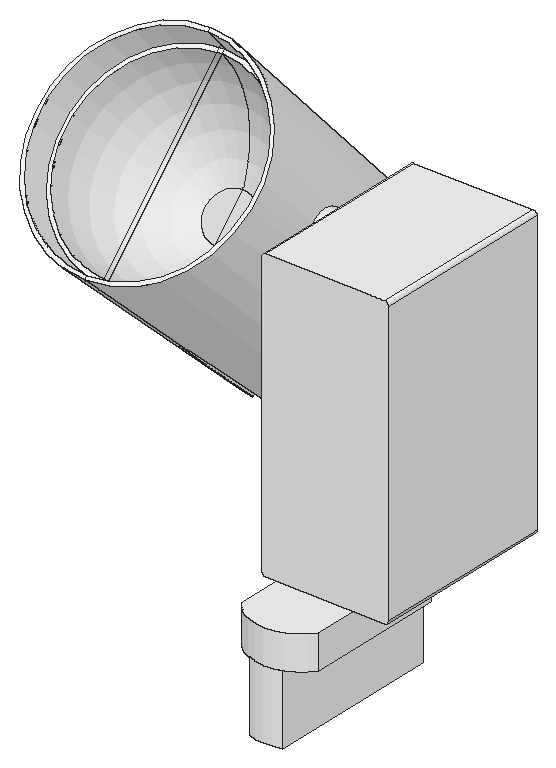
Revit family "0004859 Feilo Sylvania Lighting Fixture START TRACK SPOT S 14W 3K RA90 NB WHITE", category Lighting Fixtures, host Face, Revit 2017 (continued)
Definition of nested family "Start Track Spot Head"
  Types (96, lengths in mm): name | Wattage | built-in parameter 1150134 | Photometric Web File | Model | built-in parameter 1150105 | Lumens | built-in parameter 1150107 | built-in parameter 1150106 | HeadThickness_FEILO | HeadRibOffset_FEILO | HeadRibDepth_FEILO | HeadRibCutWidth_FEILO | HeadRibCutOffset_FEILO | HeadReflectorRadius_FEILO | HeadReflectorOffset_FEILO | HeadLEDRadius_FEILO | HeadHeight_FEILO | HeadDiffusorOffset_FEILO | HeadDiaOut_FEILO | HeadDiaIn_FEILO | HeadAxisFromTop_FEILO | Emit from Circle Diameter | built-in parameter 1150104 | Description | Apparent Load
    0004864 START TRACK SPOT S 24W 3K RA90 WB WHITE | 24 W | (empty or 0) | "0004864.ies" | "START TRACK SPOT S 24W 3K RA90 WB WHITE" | 152.79 (stored number, unit not read) | 1920 lm | 3000 (stored number, unit not read) | 1.5279 (stored number, unit not read) | 1.5 | 4.179 | 55.714 | 7.167 | 50.87 | 50.588 | 55.714 | 9.556 | 117 | 9.435 | 86 | 77.477 | 69.354 | 77.477 | 7.4322 (stored number, unit not read) | "Integrated LED spotlight, Textured White - RAL9016, compact and minimalist design, ideal for retail applications, die-cast aluminium body, passive cooling heatsink. Beam angle: 64°, color temperature: 3000K , total system power: 24W, total fixture output: 1928 lm, LOR: 100%, colour rendering: Ra: 90 typical, LED Chromaticity: 3 step MacAdam ellipse, lifetime: >50000 hours at L70B50, energy class: A++, A+, A, IR/UV free light source without heat radiation, operating voltage: 220-240V / 50-60Hz, drive current: 600mA, electronic driver, non-dimmable, power factor: 0.95, electrical protection: Class II, Global Track 3 Phase adapter suitable for Global trac 3-circuit tracks, ingress protection rating: IP20, suitable for internal environment only, horizontal rotation: 355°, vertical tilt: 90°, dimensions: Ø86x140x200, weight: 0.966kg." | 24 VA
    0004863 START TRACK SPOT S 24W 3K RA90 MB WHITE | 24 W | (empty or 0) | "0004863.ies" | "START TRACK SPOT S 24W 3K RA90 MB WHITE" | 154.7 (stored number, unit not read) | 1944 lm | 3000 (stored number, unit not read) | 1.547 (stored number, unit not read) | 1.5 | 4.179 | 55.714 | 7.167 | 50.87 | 50.588 | 55.714 | 9.556 | 117 | 9.435 | 86 | 77.477 | 69.354 | 77.477 | 7.5251 (stored number, unit not read) | "Integrated LED spotlight, Textured White - RAL9016, compact and minimalist design, ideal for retail applications, die-cast aluminium body, passive cooling heatsink. Beam angle: 36°, color temperature: 3000K , total system power: 24W, total fixture output: 1944 lm, LOR: 100%, colour rendering: Ra: 90 typical, LED Chromaticity: 3 step MacAdam ellipse, lifetime: >50000 hours at L70B50, energy class: A++, A+, A, IR/UV free light source without heat radiation, operating voltage: 220-240V / 50-60Hz, drive current: 600mA, electronic driver, non-dimmable, power factor: 0.95, electrical protection: Class II, Global Track 3 Phase adapter suitable for Global trac 3-circuit tracks, ingress protection rating: IP20, suitable for internal environment only, horizontal rotation: 355°, vertical tilt: 90°, dimensions: Ø86x140x200, weight: 0.966kg." | 24 VA
    0004862 START TRACK SPOT S 24W 3K RA90 NB WHITE | 24 W | (empty or 0) | "0004862.ies" | "START TRACK SPOT S 24W 3K RA90 NB WHITE" | 158.52 (stored number, unit not read) | 1992 lm | 3000 (stored number, unit not read) | 1.5852 (stored number, unit not read) | 1.5 | 4.179 | 55.714 | 7.167 | 50.87 | 50.588 | 55.714 | 9.556 | 117 | 9.435 | 86 | 77.477 | 69.354 | 77.477 | 7.711 (stored number, unit not read) | "Integrated LED spotlight, Textured White - RAL9016, compact and minimalist design, ideal for retail applications, die-cast aluminium body, passive cooling heatsink. Beam angle: 12°, color temperature: 3000K , total system power: 24W, total fixture output: 1987 lm, LOR: 100%, colour rendering: Ra: 90 typical, LED Chromaticity: 3 step MacAdam ellipse, lifetime: >50000 hours at L70B50, energy class: A++, A+, A, IR/UV free light source without heat radiation, operating voltage: 220-240V / 50-60Hz, drive current: 600mA, electronic driver, non-dimmable, power factor: 0.95, electrical protection: Class II, Global Track 3 Phase adapter suitable for Global trac 3-circuit tracks, ingress protection rating: IP20, suitable for internal environment only, horizontal rotation: 355°, vertical tilt: 90°, dimensions: Ø86x140x200, weight: 0.966kg." | 24 VA
    0004861 START TRACK SPOT S 14W 3K RA90 WB WHITE | 14 W | (empty or 0) | "0004861.ies" | "START TRACK SPOT S 14W 3K RA90 WB WHITE" | 100.27 (stored number, unit not read) | 1260 lm | 3000 (stored number, unit not read) | 1.0027 (stored number, unit not read) | 1.5 | 4.179 | 55.714 | 7.167 | 50.87 | 50.588 | 55.714 | 9.556 | 117 | 9.435 | 86 | 77.477 | 69.354 | 77.477 | 8.3613 (stored number, unit not read) | "Integrated LED spotlight, Textured White - RAL9016, compact and minimalist design, ideal for retail applications, die-cast aluminium body, passive cooling heatsink. Beam angle: 64°, color temperature: 3000K , total system power: 14W, total fixture output: 1262 lm, LOR: 100%, colour rendering: Ra: 90 typical, LED Chromaticity: 3 step MacAdam ellipse, lifetime: >50000 hours at L70B50, energy class: A++, A+, A, IR/UV free light source without heat radiation, operating voltage: 220-240V / 50-60Hz, drive current: 350mA, electronic driver, non-dimmable, power factor: 0.92, electrical protection: Class II, Global Track 3 Phase adapter suitable for Global trac 3-circuit tracks, ingress protection rating: IP20, suitable for internal environment only, horizontal rotation: 355°, vertical tilt: 90°, dimensions: Ø86x140x200, weight: 0.940kg." | 14 VA
    0004860 START TRACK SPOT S 14W 3K RA90 MB WHITE | 14 W | (empty or 0) | "0004860.ies" | "START TRACK SPOT S 14W 3K RA90 MB WHITE" | 100.27 (stored number, unit not read) | 1260 lm | 3000 (stored number, unit not read) | 1.0027 (stored number, unit not read) | 1.5 | 4.179 | 55.714 | 7.167 | 50.87 | 50.588 | 55.714 | 9.556 | 117 | 9.435 | 86 | 77.477 | 69.354 | 77.477 | 8.3613 (stored number, unit not read) | "Integrated LED spotlight, Textured White - RAL9016, compact and minimalist design, ideal for retail applications, die-cast aluminium body, passive cooling heatsink. Beam angle: 36°, color temperature: 3000K , total system power: 14W, total fixture output: 1262 lm, LOR: 100%, colour rendering: Ra: 90 typical, LED Chromaticity: 3 step MacAdam ellipse, lifetime: >50000 hours at L70B50, energy class: A++, A+, A, IR/UV free light source without heat radiation, operating voltage: 220-240V / 50-60Hz, drive current: 350mA, electronic driver, non-dimmable, power factor: 0.92, electrical protection: Class II, Global Track 3 Phase adapter suitable for Global trac 3-circuit tracks, ingress protection rating: IP20, suitable for internal environment only, horizontal rotation: 355°, vertical tilt: 90°, dimensions: Ø86x140x200, weight: 0.940kg." | 14 VA
    0004859 START TRACK SPOT S 14W 3K RA90 NB WHITE | 14 W | (empty or 0) | "0004859.ies" | "START TRACK SPOT S 14W 3K RA90 NB WHITE" | 102.5 (stored number, unit not read) | 1288 lm | 3000 (stored number, unit not read) | 1.025 (stored number, unit not read) | 1.5 | 4.179 | 55.714 | 7.167 | 50.87 | 50.588 | 55.714 | 9.556 | 117 | 9.435 | 86 | 77.477 | 69.354 | 77.477 | 8.5471 (stored number, unit not read) | "Integrated LED spotlight, Textured White - RAL9016, compact and minimalist design, ideal for retail applications, die-cast aluminium body, passive cooling heatsink. Beam angle: 12°, color temperature: 3000K , total system power: 14W, total fixture output: 1284 lm, LOR: 100%, colour rendering: Ra: 90 typical, LED Chromaticity: 3 step MacAdam ellipse, lifetime: >50000 hours at L70B50, energy class: A++, A+, A, IR/UV free light source without heat radiation, operating voltage: 220-240V / 50-60Hz, drive current: 350mA, electronic driver, non-dimmable, power factor: 0.92, electrical protection: Class II, Global Track 3 Phase adapter suitable for Global trac 3-circuit tracks, ingress protection rating: IP20, suitable for internal environment only, horizontal rotation: 355°, vertical tilt: 90°, dimensions: Ø86x140x200, weight: 0.940kg." | 14 VA
    0004858 START TRACK SPOT L 55W 4K RA80 WB BLACK | 55 W | 12 | "0004858.ies" | "START TRACK SPOT L 55W 4K RA80 WB BLACK" | 424.55 (stored number, unit not read) | 5335 lm | 4000 (stored number, unit not read) | 4.2455 (stored number, unit not read) | 2 | 4.429 | 59.048 | 9.417 | 53.913 | 66.471 | 59.048 | 12.556 | 124 | 10 | 113 | 101.802 | 73.503 | 101.802 | 9.0116 (stored number, unit not read) | "Integrated LED spotlight, Textured Black - RAL9005, compact and minimalist design, ideal for retail applications, die-cast aluminium body, passive cooling heatsink. Beam angle: 52°, color temperature: 4000K , total system power: 55W, total fixture output: 5320 lm, LOR: 100%, colour rendering: Ra: 80 typical, LED Chromaticity: 3 step MacAdam ellipse, lifetime: >50000 hours at L70B50, energy class: A++, A+, A, IR/UV free light source without heat radiation, operating voltage: 220-240V / 50-60Hz, drive current: 1400mA, electronic driver, non-dimmable, power factor: 0.96, electrical protection: Class II, Global Track 3 Phase adapter suitable for Global trac 3-circuit tracks, ingress protection rating: IP20, suitable for internal environment only, horizontal rotation: 355°, vertical tilt: 90°, dimensions: Ø113x164x240, weight: 1.398kg." | 55 VA
    0004857 START TRACK SPOT L 55W 4K RA80 MB BLACK | 55 W | 12 | "0004857.ies" | "START TRACK SPOT L 55W 4K RA80 MB BLACK" | 428.92 (stored number, unit not read) | 5390 lm | 4000 (stored number, unit not read) | 4.2892 (stored number, unit not read) | 2 | 4.429 | 59.048 | 9.417 | 53.913 | 66.471 | 59.048 | 12.556 | 124 | 10 | 113 | 101.802 | 73.503 | 101.802 | 9.1045 (stored number, unit not read) | "Integrated LED spotlight, Textured Black - RAL9005, compact and minimalist design, ideal for retail applications, die-cast aluminium body, passive cooling heatsink. Beam angle: 38°, color temperature: 4000K , total system power: 55W, total fixture output: 5378 lm, LOR: 100%, colour rendering: Ra: 80 typical, LED Chromaticity: 3 step MacAdam ellipse, lifetime: >50000 hours at L70B50, energy class: A++, A+, A, IR/UV free light source without heat radiation, operating voltage: 220-240V / 50-60Hz, drive current: 1400mA, electronic driver, non-dimmable, power factor: 0.96, electrical protection: Class II, Global Track 3 Phase adapter suitable for Global trac 3-circuit tracks, ingress protection rating: IP20, suitable for internal environment only, horizontal rotation: 355°, vertical tilt: 90°, dimensions: Ø113x164x240, weight: 1.398kg." | 55 VA
    0004856 START TRACK SPOT L 55W 4K RA80 NB BLACK | 55 W | 12 | "0004856.ies" | "START TRACK SPOT L 55W 4K RA80 NB BLACK" | 433.3 (stored number, unit not read) | 5445 lm | 4000 (stored number, unit not read) | 4.333 (stored number, unit not read) | 2 | 4.429 | 59.048 | 9.417 | 53.913 | 66.471 | 59.048 | 12.556 | 124 | 10 | 113 | 101.802 | 73.503 | 101.802 | 9.1974 (stored number, unit not read) | "Integrated LED spotlight, Textured Black - RAL9005, compact and minimalist design, ideal for retail applications, die-cast aluminium body, passive cooling heatsink. Beam angle: 15°, color temperature: 4000K , total system power: 55W, total fixture output: 5426 lm, LOR: 100%, colour rendering: Ra: 80 typical, LED Chromaticity: 3 step MacAdam ellipse, lifetime: >50000 hours at L70B50, energy class: A++, A+, A, IR/UV free light source without heat radiation, operating voltage: 220-240V / 50-60Hz, drive current: 1400mA, electronic driver, non-dimmable, power factor: 0.96, electrical protection: Class II, Global Track 3 Phase adapter suitable for Global trac 3-circuit tracks, ingress protection rating: IP20, suitable for internal environment only, horizontal rotation: 355°, vertical tilt: 90°, dimensions: Ø113x164x240, weight: 1.398kg." | 55 VA
    0004855 START TRACK SPOT L 35W 4K RA80 WB BLACK | 35 W | 12 | "0004855.ies" | "START TRACK SPOT L 35W 4K RA80 WB BLACK" | 320.3 (stored number, unit not read) | 4025 lm | 4000 (stored number, unit not read) | 3.203 (stored number, unit not read) | 2 | 4.429 | 59.048 | 9.417 | 53.913 | 66.471 | 59.048 | 12.556 | 124 | 10 | 113 | 101.802 | 73.503 | 101.802 | 10.684 (stored number, unit not read) | "Integrated LED spotlight, Textured Black - RAL9005, compact and minimalist design, ideal for retail applications, die-cast aluminium body, passive cooling heatsink. Beam angle: 52°, color temperature: 4000K , total system power: 35W, total fixture output: 4010 lm, LOR: 100%, colour rendering: Ra: 80 typical, LED Chromaticity: 3 step MacAdam ellipse, lifetime: >50000 hours at L70B50, energy class: A++, A+, A, IR/UV free light source without heat radiation, operating voltage: 220-240V / 50-60Hz, drive current: 900mA, electronic driver, non-dimmable, power factor: 0.93, electrical protection: Class II, Global Track 3 Phase adapter suitable for Global trac 3-circuit tracks, ingress protection rating: IP20, suitable for internal environment only, horizontal rotation: 355°, vertical tilt: 90°, dimensions: Ø113x164x240, weight: 1.368kg." | 35 VA
    0004854 START TRACK SPOT L 35W 4K RA80 MB BLACK | 35 W | 12 | "0004854.ies" | "START TRACK SPOT L 35W 4K RA80 MB BLACK" | 320.3 (stored number, unit not read) | 4025 lm | 4000 (stored number, unit not read) | 3.203 (stored number, unit not read) | 2 | 4.429 | 59.048 | 9.417 | 53.913 | 66.471 | 59.048 | 12.556 | 124 | 10 | 113 | 101.802 | 73.503 | 101.802 | 10.684 (stored number, unit not read) | "Integrated LED spotlight, Textured Black - RAL9005, compact and minimalist design, ideal for retail applications, die-cast aluminium body, passive cooling heatsink. Beam angle: 38°, color temperature: 4000K , total system power: 35W, total fixture output: 4017 lm, LOR: 100%, colour rendering: Ra: 80 typical, LED Chromaticity: 3 step MacAdam ellipse, lifetime: >50000 hours at L70B50, energy class: A++, A+, A, IR/UV free light source without heat radiation, operating voltage: 220-240V / 50-60Hz, drive current: 900mA, electronic driver, non-dimmable, power factor: 0.93, electrical protection: Class II, Global Track 3 Phase adapter suitable for Global trac 3-circuit tracks, ingress protection rating: IP20, suitable for internal environment only, horizontal rotation: 355°, vertical tilt: 90°, dimensions: Ø113x164x240, weight: 1.368kg." | 35 VA
    0004853 START TRACK SPOT L 35W 4K RA80 NB BLACK | 35 W | 12 | "0004853.ies" | "START TRACK SPOT L 35W 4K RA80 NB BLACK" | 331.44 (stored number, unit not read) | 4165 lm | 4000 (stored number, unit not read) | 3.3144 (stored number, unit not read) | 2 | 4.429 | 59.048 | 9.417 | 53.913 | 66.471 | 59.048 | 12.556 | 124 | 10 | 113 | 101.802 | 73.503 | 101.802 | 11.055 (stored number, unit not read) | "Integrated LED spotlight, Textured Black - RAL9005, compact and minimalist design, ideal for retail applications, die-cast aluminium body, passive cooling heatsink. Beam angle: 15°, color temperature: 4000K , total system power: 35W, total fixture output: 4174 lm, LOR: 100%, colour rendering: Ra: 80 typical, LED Chromaticity: 3 step MacAdam ellipse, lifetime: >50000 hours at L70B50, energy class: A++, A+, A, IR/UV free light source without heat radiation, operating voltage: 220-240V / 50-60Hz, drive current: 900mA, electronic driver, non-dimmable, power factor: 0.93, electrical protection: Class II, Global Track 3 Phase adapter suitable for Global trac 3-circuit tracks, ingress protection rating: IP20, suitable for internal environment only, horizontal rotation: 355°, vertical tilt: 90°, dimensions: Ø113x164x240, weight: 1.368kg." | 35 VA
    0004852 START TRACK SPOT S 24W 4K RA80 WB BLACK | 24 W | 12 | "0004852.ies" | "START TRACK SPOT S 24W 4K RA80 WB BLACK" | 196.72 (stored number, unit not read) | 2472 lm | 4000 (stored number, unit not read) | 1.9672 (stored number, unit not read) | 1.5 | 4.179 | 55.714 | 7.167 | 50.87 | 50.588 | 55.714 | 9.556 | 117 | 9.435 | 86 | 77.477 | 69.354 | 77.477 | 9.569 (stored number, unit not read) | "Integrated LED spotlight, Textured Black - RAL9005, compact and minimalist design, ideal for retail applications, die-cast aluminium body, passive cooling heatsink. Beam angle: 64°, color temperature: 4000K , total system power: 24W, total fixture output: 2476 lm, LOR: 100%, colour rendering: Ra: 80 typical, LED Chromaticity: 3 step MacAdam ellipse, lifetime: >50000 hours at L70B50, energy class: A++, A+, A, IR/UV free light source without heat radiation, operating voltage: 220-240V / 50-60Hz, drive current: 600mA, electronic driver, non-dimmable, power factor: 0.95, electrical protection: Class II, Global Track 3 Phase adapter suitable for Global trac 3-circuit tracks, ingress protection rating: IP20, suitable for internal environment only, horizontal rotation: 355°, vertical tilt: 90°, dimensions: Ø86x140x200, weight: 0.966kg." | 24 VA
    0004851 START TRACK SPOT S 24W 4K RA80 MB BLACK | 24 W | 12 | "0004851.ies" | "START TRACK SPOT S 24W 4K RA80 MB BLACK" | 198.63 (stored number, unit not read) | 2496 lm | 4000 (stored number, unit not read) | 1.9863 (stored number, unit not read) | 1.5 | 4.179 | 55.714 | 7.167 | 50.87 | 50.588 | 55.714 | 9.556 | 117 | 9.435 | 86 | 77.477 | 69.354 | 77.477 | 9.6619 (stored number, unit not read) | "Integrated LED spotlight, Textured Black - RAL9005, compact and minimalist design, ideal for retail applications, die-cast aluminium body, passive cooling heatsink. Beam angle: 36°, color temperature: 4000K , total system power: 24W, total fixture output: 2487 lm, LOR: 100%, colour rendering: Ra: 80 typical, LED Chromaticity: 3 step MacAdam ellipse, lifetime: >50000 hours at L70B50, energy class: A++, A+, A, IR/UV free light source without heat radiation, operating voltage: 220-240V / 50-60Hz, drive current: 600mA, electronic driver, non-dimmable, power factor: 0.95, electrical protection: Class II, Global Track 3 Phase adapter suitable for Global trac 3-circuit tracks, ingress protection rating: IP20, suitable for internal environment only, horizontal rotation: 355°, vertical tilt: 90°, dimensions: Ø86x140x200, weight: 0.966kg." | 24 VA
    0004850 START TRACK SPOT S 24W 4K RA80 NB BLACK | 24 W | 12 | "0004850.ies" | "START TRACK SPOT S 24W 4K RA80 NB BLACK" | 200.54 (stored number, unit not read) | 2520 lm | 4000 (stored number, unit not read) | 2.0054 (stored number, unit not read) | 1.5 | 4.179 | 55.714 | 7.167 | 50.87 | 50.588 | 55.714 | 9.556 | 117 | 9.435 | 86 | 77.477 | 69.354 | 77.477 | 9.7548 (stored number, unit not read) | "Integrated LED spotlight, Textured Black - RAL9005, compact and minimalist design, ideal for retail applications, die-cast aluminium body, passive cooling heatsink. Beam angle: 12°, color temperature: 4000K , total system power: 24W, total fixture output: 2529 lm, LOR: 100%, colour rendering: Ra: 80 typical, LED Chromaticity: 3 step MacAdam ellipse, lifetime: >50000 hours at L70B50, energy class: A++, A+, A, IR/UV free light source without heat radiation, operating voltage: 220-240V / 50-60Hz, drive current: 600mA, electronic driver, non-dimmable, power factor: 0.95, electrical protection: Class II, Global Track 3 Phase adapter suitable for Global trac 3-circuit tracks, ingress protection rating: IP20, suitable for internal environment only, horizontal rotation: 355°, vertical tilt: 90°, dimensions: Ø86x140x200, weight: 0.966kg." | 24 VA
    0004849 START TRACK SPOT S 14W 4K RA80 WB BLACK | 14 W | 12 | "0004849.ies" | "START TRACK SPOT S 14W 4K RA80 WB BLACK" | 123.66 (stored number, unit not read) | 1554 lm | 4000 (stored number, unit not read) | 1.2366 (stored number, unit not read) | 1.5 | 4.179 | 55.714 | 7.167 | 50.87 | 50.588 | 55.714 | 9.556 | 117 | 9.435 | 86 | 77.477 | 69.354 | 77.477 | 10.312 (stored number, unit not read) | "Integrated LED spotlight, Textured Black - RAL9005, compact and minimalist design, ideal for retail applications, die-cast aluminium body, passive cooling heatsink. Beam angle: 64°, color temperature: 4000K , total system power: 14W, total fixture output: 1558 lm, LOR: 100%, colour rendering: Ra: 80 typical, LED Chromaticity: 3 step MacAdam ellipse, lifetime: >50000 hours at L70B50, energy class: A++, A+, A, IR/UV free light source without heat radiation, operating voltage: 220-240V / 50-60Hz, drive current: 350mA, electronic driver, non-dimmable, power factor: 0.92, electrical protection: Class II, Global Track 3 Phase adapter suitable for Global trac 3-circuit tracks, ingress protection rating: IP20, suitable for internal environment only, horizontal rotation: 355°, vertical tilt: 90°, dimensions: Ø86x140x200, weight: 0.940kg." | 14 VA
    0004848 START TRACK SPOT S 14W 4K RA80 MB BLACK | 14 W | 12 | "0004848.ies" | "START TRACK SPOT S 14W 4K RA80 MB BLACK" | 127.01 (stored number, unit not read) | 1596 lm | 4000 (stored number, unit not read) | 1.2701 (stored number, unit not read) | 1.5 | 4.179 | 55.714 | 7.167 | 50.87 | 50.588 | 55.714 | 9.556 | 117 | 9.435 | 86 | 77.477 | 69.354 | 77.477 | 10.591 (stored number, unit not read) | "Integrated LED spotlight, Textured Black - RAL9005, compact and minimalist design, ideal for retail applications, die-cast aluminium body, passive cooling heatsink. Beam angle: 36°, color temperature: 4000K , total system power: 14W, total fixture output: 1598 lm, LOR: 100%, colour rendering: Ra: 80 typical, LED Chromaticity: 3 step MacAdam ellipse, lifetime: >50000 hours at L70B50, energy class: A++, A+, A, IR/UV free light source without heat radiation, operating voltage: 220-240V / 50-60Hz, drive current: 350mA, electronic driver, non-dimmable, power factor: 0.92, electrical protection: Class II, Global Track 3 Phase adapter suitable for Global trac 3-circuit tracks, ingress protection rating: IP20, suitable for internal environment only, horizontal rotation: 355°, vertical tilt: 90°, dimensions: Ø86x140x200, weight: 0.940kg." | 14 VA
    0004847 START TRACK SPOT S 14W 4K RA80 NB BLACK | 14 W | 12 | "0004847.ies" | "START TRACK SPOT S 14W 4K RA80 NB BLACK" | 128.12 (stored number, unit not read) | 1610 lm | 4000 (stored number, unit not read) | 1.2812 (stored number, unit not read) | 1.5 | 4.179 | 55.714 | 7.167 | 50.87 | 50.588 | 55.714 | 9.556 | 117 | 9.435 | 86 | 77.477 | 69.354 | 77.477 | 10.684 (stored number, unit not read) | "Integrated LED spotlight, Textured Black - RAL9005, compact and minimalist design, ideal for retail applications, die-cast aluminium body, passive cooling heatsink. Beam angle: 12°, color temperature: 4000K , total system power: 14W, total fixture output: 1608 lm, LOR: 100%, colour rendering: Ra: 80 typical, LED Chromaticity: 3 step MacAdam ellipse, lifetime: >50000 hours at L70B50, energy class: A++, A+, A, IR/UV free light source without heat radiation, operating voltage: 220-240V / 50-60Hz, drive current: 350mA, electronic driver, non-dimmable, power factor: 0.92, electrical protection: Class II, Global Track 3 Phase adapter suitable for Global trac 3-circuit tracks, ingress protection rating: IP20, suitable for internal environment only, horizontal rotation: 355°, vertical tilt: 90°, dimensions: Ø86x140x200, weight: 0.940kg." | 14 VA
    0004846 START TRACK SPOT L 55W 3K RA80 WB BLACK | 55 W | (empty or 0) | "0004846.ies" | "START TRACK SPOT L 55W 3K RA80 WB BLACK" | 420.17 (stored number, unit not read) | 5280 lm | 3000 (stored number, unit not read) | 4.2017 (stored number, unit not read) | 2 | 4.429 | 59.048 | 9.417 | 53.913 | 66.471 | 59.048 | 12.556 | 124 | 10 | 113 | 101.802 | 73.503 | 101.802 | 8.9187 (stored number, unit not read) | "Integrated LED spotlight, Textured Black - RAL9005, compact and minimalist design, ideal for retail applications, die-cast aluminium body, passive cooling heatsink. Beam angle: 52°, color temperature: 3000K , total system power: 55W, total fixture output: 5298 lm, LOR: 100%, colour rendering: Ra: 80 typical, LED Chromaticity: 3 step MacAdam ellipse, lifetime: >50000 hours at L70B50, energy class: A++, A+, A, IR/UV free light source without heat radiation, operating voltage: 220-240V / 50-60Hz, drive current: 1400mA, electronic driver, non-dimmable, power factor: 0.96, electrical protection: Class II, Global Track 3 Phase adapter suitable for Global trac 3-circuit tracks, ingress protection rating: IP20, suitable for internal environment only, horizontal rotation: 355°, vertical tilt: 90°, dimensions: Ø113x164x240, weight: 1.398kg." | 55 VA
    0004845 START TRACK SPOT L 55W 3K RA80 MB BLACK | 55 W | (empty or 0) | "0004845.ies" | "START TRACK SPOT L 55W 3K RA80 MB BLACK" | 428.92 (stored number, unit not read) | 5390 lm | 3000 (stored number, unit not read) | 4.2892 (stored number, unit not read) | 2 | 4.429 | 59.048 | 9.417 | 53.913 | 66.471 | 59.048 | 12.556 | 124 | 10 | 113 | 101.802 | 73.503 | 101.802 | 9.1045 (stored number, unit not read) | "Integrated LED spotlight, Textured Black - RAL9005, compact and minimalist design, ideal for retail applications, die-cast aluminium body, passive cooling heatsink. Beam angle: 38°, color temperature: 3000K , total system power: 55W, total fixture output: 5381 lm, LOR: 100%, colour rendering: Ra: 80 typical, LED Chromaticity: 3 step MacAdam ellipse, lifetime: >50000 hours at L70B50, energy class: A++, A+, A, IR/UV free light source without heat radiation, operating voltage: 220-240V / 50-60Hz, drive current: 1400mA, electronic driver, non-dimmable, power factor: 0.96, electrical protection: Class II, Global Track 3 Phase adapter suitable for Global trac 3-circuit tracks, ingress protection rating: IP20, suitable for internal environment only, horizontal rotation: 355°, vertical tilt: 90°, dimensions: Ø113x164x240, weight: 1.398kg." | 55 VA
    0004844 START TRACK SPOT L 55W 3K RA80 NB BLACK | 55 W | (empty or 0) | "0004844.ies" | "START TRACK SPOT L 55W 3K RA80 NB BLACK" | 433.3 (stored number, unit not read) | 5445 lm | 3000 (stored number, unit not read) | 4.333 (stored number, unit not read) | 2 | 4.429 | 59.048 | 9.417 | 53.913 | 66.471 | 59.048 | 12.556 | 124 | 10 | 113 | 101.802 | 73.503 | 101.802 | 9.1974 (stored number, unit not read) | "Integrated LED spotlight, Textured Black - RAL9005, compact and minimalist design, ideal for retail applications, die-cast aluminium body, passive cooling heatsink. Beam angle: 15°, color temperature: 3000K , total system power: 55W, total fixture output: 5449 lm, LOR: 100%, colour rendering: Ra: 80 typical, LED Chromaticity: 3 step MacAdam ellipse, lifetime: >50000 hours at L70B50, energy class: A++, A+, A, IR/UV free light source without heat radiation, operating voltage: 220-240V / 50-60Hz, drive current: 1400mA, electronic driver, non-dimmable, power factor: 0.96, electrical protection: Class II, Global Track 3 Phase adapter suitable for Global trac 3-circuit tracks, ingress protection rating: IP20, suitable for internal environment only, horizontal rotation: 355°, vertical tilt: 90°, dimensions: Ø113x164x240, weight: 1.398kg." | 55 VA
    0004843 START TRACK SPOT L 35W 3K RA80 WB BLACK | 35 W | (empty or 0) | "0004843.ies" | "START TRACK SPOT L 35W 3K RA80 WB BLACK" | 314.73 (stored number, unit not read) | 3955 lm | 3000 (stored number, unit not read) | 3.1473 (stored number, unit not read) | 2 | 4.429 | 59.048 | 9.417 | 53.913 | 66.471 | 59.048 | 12.556 | 124 | 10 | 113 | 101.802 | 73.503 | 101.802 | 10.498 (stored number, unit not read) | "Integrated LED spotlight, Textured Black - RAL9005, compact and minimalist design, ideal for retail applications, die-cast aluminium body, passive cooling heatsink. Beam angle: 52°, color temperature: 3000K , total system power: 35W, total fixture output: 3943 lm, LOR: 100%, colour rendering: Ra: 80 typical, LED Chromaticity: 3 step MacAdam ellipse, lifetime: >50000 hours at L70B50, energy class: A++, A+, A, IR/UV free light source without heat radiation, operating voltage: 220-240V / 50-60Hz, drive current: 900mA, electronic driver, non-dimmable, power factor: 0.93, electrical protection: Class II, Global Track 3 Phase adapter suitable for Global trac 3-circuit tracks, ingress protection rating: IP20, suitable for internal environment only, horizontal rotation: 355°, vertical tilt: 90°, dimensions: Ø113x164x240, weight: 1.368kg." | 35 VA
    0004842 START TRACK SPOT L 35W 3K RA80 MB BLACK | 35 W | (empty or 0) | "0004842.ies" | "START TRACK SPOT L 35W 3K RA80 MB BLACK" | 320.3 (stored number, unit not read) | 4025 lm | 3000 (stored number, unit not read) | 3.203 (stored number, unit not read) | 2 | 4.429 | 59.048 | 9.417 | 53.913 | 66.471 | 59.048 | 12.556 | 124 | 10 | 113 | 101.802 | 73.503 | 101.802 | 10.684 (stored number, unit not read) | "Integrated LED spotlight, Textured Black - RAL9005, compact and minimalist design, ideal for retail applications, die-cast aluminium body, passive cooling heatsink. Beam angle: 38°, color temperature: 3000K , total system power: 35W, total fixture output: 4008 lm, LOR: 100%, colour rendering: Ra: 80 typical, LED Chromaticity: 3 step MacAdam ellipse, lifetime: >50000 hours at L70B50, energy class: A++, A+, A, IR/UV free light source without heat radiation, operating voltage: 220-240V / 50-60Hz, drive current: 900mA, electronic driver, non-dimmable, power factor: 0.93, electrical protection: Class II, Global Track 3 Phase adapter suitable for Global trac 3-circuit tracks, ingress protection rating: IP20, suitable for internal environment only, horizontal rotation: 355°, vertical tilt: 90°, dimensions: Ø113x164x240, weight: 1.368kg." | 35 VA
    0004841 START TRACK SPOT L 35W 3K RA80 NB BLACK | 35 W | (empty or 0) | "0004841.ies" | "START TRACK SPOT L 35W 3K RA80 NB BLACK" | 317.51 (stored number, unit not read) | 3990 lm | 3000 (stored number, unit not read) | 3.1751 (stored number, unit not read) | 2 | 4.429 | 59.048 | 9.417 | 53.913 | 66.471 | 59.048 | 12.556 | 124 | 10 | 113 | 101.802 | 73.503 | 101.802 | 10.591 (stored number, unit not read) | "Integrated LED spotlight, Textured Black - RAL9005, compact and minimalist design, ideal for retail applications, die-cast aluminium body, passive cooling heatsink. Beam angle: 15°, color temperature: 3000K , total system power: 35W, total fixture output: 4005 lm, LOR: 100%, colour rendering: Ra: 80 typical, LED Chromaticity: 3 step MacAdam ellipse, lifetime: >50000 hours at L70B50, energy class: A++, A+, A, IR/UV free light source without heat radiation, operating voltage: 220-240V / 50-60Hz, drive current: 900mA, electronic driver, non-dimmable, power factor: 0.93, electrical protection: Class II, Global Track 3 Phase adapter suitable for Global trac 3-circuit tracks, ingress protection rating: IP20, suitable for internal environment only, horizontal rotation: 355°, vertical tilt: 90°, dimensions: Ø113x164x240, weight: 1.368kg." | 35 VA
    0004840 START TRACK SPOT S 24W 3K RA80 WB BLACK | 24 W | (empty or 0) | "0004840.ies" | "START TRACK SPOT S 24W 3K RA80 WB BLACK" | 185.26 (stored number, unit not read) | 2328 lm | 3000 (stored number, unit not read) | 1.8526 (stored number, unit not read) | 1.5 | 4.179 | 55.714 | 7.167 | 50.87 | 50.588 | 55.714 | 9.556 | 117 | 9.435 | 86 | 77.477 | 69.354 | 77.477 | 9.0116 (stored number, unit not read) | "Integrated LED spotlight, Textured Black - RAL9005, compact and minimalist design, ideal for retail applications, die-cast aluminium body, passive cooling heatsink. Beam angle: 64°, color temperature: 3000K , total system power: 24W, total fixture output: 2318 lm, LOR: 100%, colour rendering: Ra: 80 typical, LED Chromaticity: 3 step MacAdam ellipse, lifetime: >50000 hours at L70B50, energy class: A++, A+, A, IR/UV free light source without heat radiation, operating voltage: 220-240V / 50-60Hz, drive current: 600mA, electronic driver, non-dimmable, power factor: 0.95, electrical protection: Class II, Global Track 3 Phase adapter suitable for Global trac 3-circuit tracks, ingress protection rating: IP20, suitable for internal environment only, horizontal rotation: 355°, vertical tilt: 90°, dimensions: Ø86x140x200, weight: 0.966kg." | 24 VA
    0004839 START TRACK SPOT S 24W 3K RA80 MB BLACK | 24 W | (empty or 0) | "0004839.ies" | "START TRACK SPOT S 24W 3K RA80 MB BLACK" | 183.35 (stored number, unit not read) | 2304 lm | 3000 (stored number, unit not read) | 1.8335 (stored number, unit not read) | 1.5 | 4.179 | 55.714 | 7.167 | 50.87 | 50.588 | 55.714 | 9.556 | 117 | 9.435 | 86 | 77.477 | 69.354 | 77.477 | 8.9187 (stored number, unit not read) | "Integrated LED spotlight, Textured Black - RAL9005, compact and minimalist design, ideal for retail applications, die-cast aluminium body, passive cooling heatsink. Beam angle: 36°, color temperature: 3000K , total system power: 24W, total fixture output: 2314 lm, LOR: 100%, colour rendering: Ra: 80 typical, LED Chromaticity: 3 step MacAdam ellipse, lifetime: >50000 hours at L70B50, energy class: A++, A+, A, IR/UV free light source without heat radiation, operating voltage: 220-240V / 50-60Hz, drive current: 600mA, electronic driver, non-dimmable, power factor: 0.95, electrical protection: Class II, Global Track 3 Phase adapter suitable for Global trac 3-circuit tracks, ingress protection rating: IP20, suitable for internal environment only, horizontal rotation: 355°, vertical tilt: 90°, dimensions: Ø86x140x200, weight: 0.966kg." | 24 VA
    0004838 START TRACK SPOT S 24W 3K RA80 NB BLACK | 24 W | (empty or 0) | "0004838.ies" | "START TRACK SPOT S 24W 3K RA80 NB BLACK" | 185.26 (stored number, unit not read) | 2328 lm | 3000 (stored number, unit not read) | 1.8526 (stored number, unit not read) | 1.5 | 4.179 | 55.714 | 7.167 | 50.87 | 50.588 | 55.714 | 9.556 | 117 | 9.435 | 86 | 77.477 | 69.354 | 77.477 | 9.0116 (stored number, unit not read) | "Integrated LED spotlight, Textured Black - RAL9005, compact and minimalist design, ideal for retail applications, die-cast aluminium body, passive cooling heatsink. Beam angle: 12°, color temperature: 3000K , total system power: 24W, total fixture output: 2334 lm, LOR: 100%, colour rendering: Ra: 80 typical, LED Chromaticity: 3 step MacAdam ellipse, lifetime: >50000 hours at L70B50, energy class: A++, A+, A, IR/UV free light source without heat radiation, operating voltage: 220-240V / 50-60Hz, drive current: 600mA, electronic driver, non-dimmable, power factor: 0.95, electrical protection: Class II, Global Track 3 Phase adapter suitable for Global trac 3-circuit tracks, ingress protection rating: IP20, suitable for internal environment only, horizontal rotation: 355°, vertical tilt: 90°, dimensions: Ø86x140x200, weight: 0.966kg." | 24 VA
    0004837 START TRACK SPOT S 14W 3K RA80 WB BLACK | 14 W | (empty or 0) | "0004837.ies" | "START TRACK SPOT S 14W 3K RA80 WB BLACK" | 119.21 (stored number, unit not read) | 1498 lm | 3000 (stored number, unit not read) | 1.1921 (stored number, unit not read) | 1.5 | 4.179 | 55.714 | 7.167 | 50.87 | 50.588 | 55.714 | 9.556 | 117 | 9.435 | 86 | 77.477 | 69.354 | 77.477 | 9.9406 (stored number, unit not read) | "Integrated LED spotlight, Textured Black - RAL9005, compact and minimalist design, ideal for retail applications, die-cast aluminium body, passive cooling heatsink. Beam angle: 64°, color temperature: 3000K , total system power: 14W, total fixture output: 1498 lm, LOR: 100%, colour rendering: Ra: 80 typical, LED Chromaticity: 3 step MacAdam ellipse, lifetime: >50000 hours at L70B50, energy class: A++, A+, A, IR/UV free light source without heat radiation, operating voltage: 220-240V / 50-60Hz, drive current: 350mA, electronic driver, non-dimmable, power factor: 0.92, electrical protection: Class II, Global Track 3 Phase adapter suitable for Global trac 3-circuit tracks, ingress protection rating: IP20, suitable for internal environment only, horizontal rotation: 355°, vertical tilt: 90°, dimensions: Ø86x140x200, weight: 0.940kg." | 14 VA
    0004836 START TRACK SPOT S 14W 3K RA80 MB BLACK | 14 W | (empty or 0) | "0004836.ies" | "START TRACK SPOT S 14W 3K RA80 MB BLACK" | 120.32 (stored number, unit not read) | 1512 lm | 3000 (stored number, unit not read) | 1.2032 (stored number, unit not read) | 1.5 | 4.179 | 55.714 | 7.167 | 50.87 | 50.588 | 55.714 | 9.556 | 117 | 9.435 | 86 | 77.477 | 69.354 | 77.477 | 10.034 (stored number, unit not read) | "Integrated LED spotlight, Textured Black - RAL9005, compact and minimalist design, ideal for retail applications, die-cast aluminium body, passive cooling heatsink. Beam angle: 36°, color temperature: 3000K , total system power: 14W, total fixture output: 1508 lm, LOR: 100%, colour rendering: Ra: 80 typical, LED Chromaticity: 3 step MacAdam ellipse, lifetime: >50000 hours at L70B50, energy class: A++, A+, A, IR/UV free light source without heat radiation, operating voltage: 220-240V / 50-60Hz, drive current: 350mA, electronic driver, non-dimmable, power factor: 0.92, electrical protection: Class II, Global Track 3 Phase adapter suitable for Global trac 3-circuit tracks, ingress protection rating: IP20, suitable for internal environment only, horizontal rotation: 355°, vertical tilt: 90°, dimensions: Ø86x140x200, weight: 0.940kg." | 14 VA
    0004835 START TRACK SPOT S 14W 3K RA80 NB BLACK | 14 W | (empty or 0) | "0004835.ies" | "START TRACK SPOT S 14W 3K RA80 NB BLACK" | 123.66 (stored number, unit not read) | 1554 lm | 3000 (stored number, unit not read) | 1.2366 (stored number, unit not read) | 1.5 | 4.179 | 55.714 | 7.167 | 50.87 | 50.588 | 55.714 | 9.556 | 117 | 9.435 | 86 | 77.477 | 69.354 | 77.477 | 10.312 (stored number, unit not read) | "Integrated LED spotlight, Textured Black - RAL9005, compact and minimalist design, ideal for retail applications, die-cast aluminium body, passive cooling heatsink. Beam angle: 12°, color temperature: 3000K , total system power: 14W, total fixture output: 1551 lm, LOR: 100%, colour rendering: Ra: 80 typical, LED Chromaticity: 3 step MacAdam ellipse, lifetime: >50000 hours at L70B50, energy class: A++, A+, A, IR/UV free light source without heat radiation, operating voltage: 220-240V / 50-60Hz, drive current: 350mA, electronic driver, non-dimmable, power factor: 0.92, electrical protection: Class II, Global Track 3 Phase adapter suitable for Global trac 3-circuit tracks, ingress protection rating: IP20, suitable for internal environment only, horizontal rotation: 355°, vertical tilt: 90°, dimensions: Ø86x140x200, weight: 0.940kg." | 14 VA
    0004834 START TRACK SPOT L 55W 4K RA80 WB WHITE | 55 W | 12 | "0004834.ies" | "START TRACK SPOT L 55W 4K RA80 WB WHITE" | 424.55 (stored number, unit not read) | 5335 lm | 4000 (stored number, unit not read) | 4.2455 (stored number, unit not read) | 2 | 4.429 | 59.048 | 9.417 | 53.913 | 66.471 | 59.048 | 12.556 | 124 | 10 | 113 | 101.802 | 73.503 | 101.802 | 9.0116 (stored number, unit not read) | "Integrated LED spotlight, Textured White - RAL9016, compact and minimalist design, ideal for retail applications, die-cast aluminium body, passive cooling heatsink. Beam angle: 52°, color temperature: 4000K , total system power: 55W, total fixture output: 5320 lm, LOR: 100%, colour rendering: Ra: 80 typical, LED Chromaticity: 3 step MacAdam ellipse, lifetime: >50000 hours at L70B50, energy class: A++, A+, A, IR/UV free light source without heat radiation, operating voltage: 220-240V / 50-60Hz, drive current: 1400mA, electronic driver, non-dimmable, power factor: 0.96, electrical protection: Class II, Global Track 3 Phase adapter suitable for Global trac 3-circuit tracks, ingress protection rating: IP20, suitable for internal environment only, horizontal rotation: 355°, vertical tilt: 90°, dimensions: Ø113x164x240, weight: 1.398kg." | 55 VA
    0004833 START TRACK SPOT L 55W 4K RA80 MB WHITE | 55 W | 12 | "0004833.ies" | "START TRACK SPOT L 55W 4K RA80 MB WHITE" | 428.92 (stored number, unit not read) | 5390 lm | 4000 (stored number, unit not read) | 4.2892 (stored number, unit not read) | 2 | 4.429 | 59.048 | 9.417 | 53.913 | 66.471 | 59.048 | 12.556 | 124 | 10 | 113 | 101.802 | 73.503 | 101.802 | 9.1045 (stored number, unit not read) | "Integrated LED spotlight, Textured White - RAL9016, compact and minimalist design, ideal for retail applications, die-cast aluminium body, passive cooling heatsink. Beam angle: 38°, color temperature: 4000K , total system power: 55W, total fixture output: 5378 lm, LOR: 100%, colour rendering: Ra: 80 typical, LED Chromaticity: 3 step MacAdam ellipse, lifetime: >50000 hours at L70B50, energy class: A++, A+, A, IR/UV free light source without heat radiation, operating voltage: 220-240V / 50-60Hz, drive current: 1400mA, electronic driver, non-dimmable, power factor: 0.96, electrical protection: Class II, Global Track 3 Phase adapter suitable for Global trac 3-circuit tracks, ingress protection rating: IP20, suitable for internal environment only, horizontal rotation: 355°, vertical tilt: 90°, dimensions: Ø113x164x240, weight: 1.398kg." | 55 VA
    0004832 START TRACK SPOT L 55W 4K RA80 NB WHITE | 55 W | 12 | "0004832.ies" | "START TRACK SPOT L 55W 4K RA80 NB WHITE" | 433.3 (stored number, unit not read) | 5445 lm | 4000 (stored number, unit not read) | 4.333 (stored number, unit not read) | 2 | 4.429 | 59.048 | 9.417 | 53.913 | 66.471 | 59.048 | 12.556 | 124 | 10 | 113 | 101.802 | 73.503 | 101.802 | 9.1974 (stored number, unit not read) | "Integrated LED spotlight, Textured White - RAL9016, compact and minimalist design, ideal for retail applications, die-cast aluminium body, passive cooling heatsink. Beam angle: 15°, color temperature: 4000K , total system power: 55W, total fixture output: 5426 lm, LOR: 100%, colour rendering: Ra: 80 typical, LED Chromaticity: 3 step MacAdam ellipse, lifetime: >50000 hours at L70B50, energy class: A++, A+, A, IR/UV free light source without heat radiation, operating voltage: 220-240V / 50-60Hz, drive current: 1400mA, electronic driver, non-dimmable, power factor: 0.96, electrical protection: Class II, Global Track 3 Phase adapter suitable for Global trac 3-circuit tracks, ingress protection rating: IP20, suitable for internal environment only, horizontal rotation: 355°, vertical tilt: 90°, dimensions: Ø113x164x240, weight: 1.398kg." | 55 VA
    0004831 START TRACK SPOT L 35W 4K RA80 WB WHITE | 35 W | 12 | "0004831.ies" | "START TRACK SPOT L 35W 4K RA80 WB WHITE" | 320.3 (stored number, unit not read) | 4025 lm | 4000 (stored number, unit not read) | 3.203 (stored number, unit not read) | 2 | 4.429 | 59.048 | 9.417 | 53.913 | 66.471 | 59.048 | 12.556 | 124 | 10 | 113 | 101.802 | 73.503 | 101.802 | 10.684 (stored number, unit not read) | "Integrated LED spotlight, Textured White - RAL9016, compact and minimalist design, ideal for retail applications, die-cast aluminium body, passive cooling heatsink. Beam angle: 52°, color temperature: 4000K , total system power: 35W, total fixture output: 4010 lm, LOR: 100%, colour rendering: Ra: 80 typical, LED Chromaticity: 3 step MacAdam ellipse, lifetime: >50000 hours at L70B50, energy class: A++, A+, A, IR/UV free light source without heat radiation, operating voltage: 220-240V / 50-60Hz, drive current: 900mA, electronic driver, non-dimmable, power factor: 0.93, electrical protection: Class II, Global Track 3 Phase adapter suitable for Global trac 3-circuit tracks, ingress protection rating: IP20, suitable for internal environment only, horizontal rotation: 355°, vertical tilt: 90°, dimensions: Ø113x164x240, weight: 1.368kg." | 35 VA
    0004830 START TRACK SPOT L 35W 4K RA80 MB WHITE | 35 W | 12 | "0004830.ies" | "START TRACK SPOT L 35W 4K RA80 MB WHITE" | 320.3 (stored number, unit not read) | 4025 lm | 4000 (stored number, unit not read) | 3.203 (stored number, unit not read) | 2 | 4.429 | 59.048 | 9.417 | 53.913 | 66.471 | 59.048 | 12.556 | 124 | 10 | 113 | 101.802 | 73.503 | 101.802 | 10.684 (stored number, unit not read) | "Integrated LED spotlight, Textured White - RAL9016, compact and minimalist design, ideal for retail applications, die-cast aluminium body, passive cooling heatsink. Beam angle: 38°, color temperature: 4000K , total system power: 35W, total fixture output: 4017 lm, LOR: 100%, colour rendering: Ra: 80 typical, LED Chromaticity: 3 step MacAdam ellipse, lifetime: >50000 hours at L70B50, energy class: A++, A+, A, IR/UV free light source without heat radiation, operating voltage: 220-240V / 50-60Hz, drive current: 900mA, electronic driver, non-dimmable, power factor: 0.93, electrical protection: Class II, Global Track 3 Phase adapter suitable for Global trac 3-circuit tracks, ingress protection rating: IP20, suitable for internal environment only, horizontal rotation: 355°, vertical tilt: 90°, dimensions: Ø113x164x240, weight: 1.368kg." | 35 VA
    0004829 START TRACK SPOT L 35W 4K RA80 NB WHITE | 35 W | 12 | "0004829.ies" | "START TRACK SPOT L 35W 4K RA80 NB WHITE" | 331.44 (stored number, unit not read) | 4165 lm | 4000 (stored number, unit not read) | 3.3144 (stored number, unit not read) | 2 | 4.429 | 59.048 | 9.417 | 53.913 | 66.471 | 59.048 | 12.556 | 124 | 10 | 113 | 101.802 | 73.503 | 101.802 | 11.055 (stored number, unit not read) | "Integrated LED spotlight, Textured White - RAL9016, compact and minimalist design, ideal for retail applications, die-cast aluminium body, passive cooling heatsink. Beam angle: 15°, color temperature: 4000K , total system power: 35W, total fixture output: 4174 lm, LOR: 100%, colour rendering: Ra: 80 typical, LED Chromaticity: 3 step MacAdam ellipse, lifetime: >50000 hours at L70B50, energy class: A++, A+, A, IR/UV free light source without heat radiation, operating voltage: 220-240V / 50-60Hz, drive current: 900mA, electronic driver, non-dimmable, power factor: 0.93, electrical protection: Class II, Global Track 3 Phase adapter suitable for Global trac 3-circuit tracks, ingress protection rating: IP20, suitable for internal environment only, horizontal rotation: 355°, vertical tilt: 90°, dimensions: Ø113x164x240, weight: 1.368kg." | 35 VA
    0004828 START TRACK SPOT S 24W 4K RA80 WB WHITE | 24 W | 12 | "0004828.ies" | "START TRACK SPOT S 24W 4K RA80 WB WHITE" | 196.72 (stored number, unit not read) | 2472 lm | 4000 (stored number, unit not read) | 1.9672 (stored number, unit not read) | 1.5 | 4.179 | 55.714 | 7.167 | 50.87 | 50.588 | 55.714 | 9.556 | 117 | 9.435 | 86 | 77.477 | 69.354 | 77.477 | 9.569 (stored number, unit not read) | "Integrated LED spotlight, Textured White - RAL9016, compact and minimalist design, ideal for retail applications, die-cast aluminium body, passive cooling heatsink. Beam angle: 64°, color temperature: 4000K , total system power: 24W, total fixture output: 2476 lm, LOR: 100%, colour rendering: Ra: 80 typical, LED Chromaticity: 3 step MacAdam ellipse, lifetime: >50000 hours at L70B50, energy class: A++, A+, A, IR/UV free light source without heat radiation, operating voltage: 220-240V / 50-60Hz, drive current: 600mA, electronic driver, non-dimmable, power factor: 0.95, electrical protection: Class II, Global Track 3 Phase adapter suitable for Global trac 3-circuit tracks, ingress protection rating: IP20, suitable for internal environment only, horizontal rotation: 355°, vertical tilt: 90°, dimensions: Ø86x140x200, weight: 0.966kg." | 24 VA
    0004827 START TRACK SPOT S 24W 4K RA80 MB WHITE | 24 W | 12 | "0004827.ies" | "START TRACK SPOT S 24W 4K RA80 MB WHITE" | 198.63 (stored number, unit not read) | 2496 lm | 4000 (stored number, unit not read) | 1.9863 (stored number, unit not read) | 1.5 | 4.179 | 55.714 | 7.167 | 50.87 | 50.588 | 55.714 | 9.556 | 117 | 9.435 | 86 | 77.477 | 69.354 | 77.477 | 9.6619 (stored number, unit not read) | "Integrated LED spotlight, Textured White - RAL9016, compact and minimalist design, ideal for retail applications, die-cast aluminium body, passive cooling heatsink. Beam angle: 36°, color temperature: 4000K , total system power: 24W, total fixture output: 2487 lm, LOR: 100%, colour rendering: Ra: 80 typical, LED Chromaticity: 3 step MacAdam ellipse, lifetime: >50000 hours at L70B50, energy class: A++, A+, A, IR/UV free light source without heat radiation, operating voltage: 220-240V / 50-60Hz, drive current: 600mA, electronic driver, non-dimmable, power factor: 0.95, electrical protection: Class II, Global Track 3 Phase adapter suitable for Global trac 3-circuit tracks, ingress protection rating: IP20, suitable for internal environment only, horizontal rotation: 355°, vertical tilt: 90°, dimensions: Ø86x140x200, weight: 0.966kg." | 24 VA
    0004826 START TRACK SPOT S 24W 4K RA80 NB WHITE | 24 W | 12 | "0004826.ies" | "START TRACK SPOT S 24W 4K RA80 NB WHITE" | 200.54 (stored number, unit not read) | 2520 lm | 4000 (stored number, unit not read) | 2.0054 (stored number, unit not read) | 1.5 | 4.179 | 55.714 | 7.167 | 50.87 | 50.588 | 55.714 | 9.556 | 117 | 9.435 | 86 | 77.477 | 69.354 | 77.477 | 9.7548 (stored number, unit not read) | "Integrated LED spotlight, Textured White - RAL9016, compact and minimalist design, ideal for retail applications, die-cast aluminium body, passive cooling heatsink. Beam angle: 12°, color temperature: 4000K , total system power: 24W, total fixture output: 2529 lm, LOR: 100%, colour rendering: Ra: 80 typical, LED Chromaticity: 3 step MacAdam ellipse, lifetime: >50000 hours at L70B50, energy class: A++, A+, A, IR/UV free light source without heat radiation, operating voltage: 220-240V / 50-60Hz, drive current: 600mA, electronic driver, non-dimmable, power factor: 0.95, electrical protection: Class II, Global Track 3 Phase adapter suitable for Global trac 3-circuit tracks, ingress protection rating: IP20, suitable for internal environment only, horizontal rotation: 355°, vertical tilt: 90°, dimensions: Ø86x140x200, weight: 0.966kg." | 24 VA
    0004825 START TRACK SPOT S 14W 4K RA80 WB WHITE | 14 W | 12 | "0004825.ies" | "START TRACK SPOT S 14W 4K RA80 WB WHITE" | 123.66 (stored number, unit not read) | 1554 lm | 4000 (stored number, unit not read) | 1.2366 (stored number, unit not read) | 1.5 | 4.179 | 55.714 | 7.167 | 50.87 | 50.588 | 55.714 | 9.556 | 117 | 9.435 | 86 | 77.477 | 69.354 | 77.477 | 10.312 (stored number, unit not read) | "Integrated LED spotlight, Textured White - RAL9016, compact and minimalist design, ideal for retail applications, die-cast aluminium body, passive cooling heatsink. Beam angle: 64°, color temperature: 4000K , total system power: 14W, total fixture output: 1558 lm, LOR: 100%, colour rendering: Ra: 80 typical, LED Chromaticity: 3 step MacAdam ellipse, lifetime: >50000 hours at L70B50, energy class: A++, A+, A, IR/UV free light source without heat radiation, operating voltage: 220-240V / 50-60Hz, drive current: 350mA, electronic driver, non-dimmable, power factor: 0.92, electrical protection: Class II, Global Track 3 Phase adapter suitable for Global trac 3-circuit tracks, ingress protection rating: IP20, suitable for internal environment only, horizontal rotation: 355°, vertical tilt: 90°, dimensions: Ø86x140x200, weight: 0.940kg." | 14 VA
    0004824 START TRACK SPOT S 14W 4K RA80 MB WHITE | 14 W | 12 | "0004824.ies" | "START TRACK SPOT S 14W 4K RA80 MB WHITE" | 127.01 (stored number, unit not read) | 1596 lm | 4000 (stored number, unit not read) | 1.2701 (stored number, unit not read) | 1.5 | 4.179 | 55.714 | 7.167 | 50.87 | 50.588 | 55.714 | 9.556 | 117 | 9.435 | 86 | 77.477 | 69.354 | 77.477 | 10.591 (stored number, unit not read) | "Integrated LED spotlight, Textured White - RAL9016, compact and minimalist design, ideal for retail applications, die-cast aluminium body, passive cooling heatsink. Beam angle: 36°, color temperature: 4000K , total system power: 14W, total fixture output: 1598 lm, LOR: 100%, colour rendering: Ra: 80 typical, LED Chromaticity: 3 step MacAdam ellipse, lifetime: >50000 hours at L70B50, energy class: A++, A+, A, IR/UV free light source without heat radiation, operating voltage: 220-240V / 50-60Hz, drive current: 350mA, electronic driver, non-dimmable, power factor: 0.92, electrical protection: Class II, Global Track 3 Phase adapter suitable for Global trac 3-circuit tracks, ingress protection rating: IP20, suitable for internal environment only, horizontal rotation: 355°, vertical tilt: 90°, dimensions: Ø86x140x200, weight: 0.940kg." | 14 VA
    0004823 START TRACK SPOT S 14W 4K RA80 NB WHITE | 14 W | 12 | "0004823.ies" | "START TRACK SPOT S 14W 4K RA80 NB WHITE" | 128.12 (stored number, unit not read) | 1610 lm | 4000 (stored number, unit not read) | 1.2812 (stored number, unit not read) | 1.5 | 4.179 | 55.714 | 7.167 | 50.87 | 50.588 | 55.714 | 9.556 | 117 | 9.435 | 86 | 77.477 | 69.354 | 77.477 | 10.684 (stored number, unit not read) | "Integrated LED spotlight, Textured White - RAL9016, compact and minimalist design, ideal for retail applications, die-cast aluminium body, passive cooling heatsink. Beam angle: 12°, color temperature: 4000K , total system power: 14W, total fixture output: 1608 lm, LOR: 100%, colour rendering: Ra: 80 typical, LED Chromaticity: 3 step MacAdam ellipse, lifetime: >50000 hours at L70B50, energy class: A++, A+, A, IR/UV free light source without heat radiation, operating voltage: 220-240V / 50-60Hz, drive current: 350mA, electronic driver, non-dimmable, power factor: 0.92, electrical protection: Class II, Global Track 3 Phase adapter suitable for Global trac 3-circuit tracks, ingress protection rating: IP20, suitable for internal environment only, horizontal rotation: 355°, vertical tilt: 90°, dimensions: Ø86x140x200, weight: 0.940kg." | 14 VA
    0004822 START TRACK SPOT L 55W 3K RA80 WB WHITE | 55 W | (empty or 0) | "0004822.ies" | "START TRACK SPOT L 55W 3K RA80 WB WHITE" | 420.17 (stored number, unit not read) | 5280 lm | 3000 (stored number, unit not read) | 4.2017 (stored number, unit not read) | 2 | 4.429 | 59.048 | 9.417 | 53.913 | 66.471 | 59.048 | 12.556 | 124 | 10 | 113 | 101.802 | 73.503 | 101.802 | 8.9187 (stored number, unit not read) | "Integrated LED spotlight, Textured White - RAL9016, compact and minimalist design, ideal for retail applications, die-cast aluminium body, passive cooling heatsink. Beam angle: 52°, color temperature: 3000K , total system power: 55W, total fixture output: 5298 lm, LOR: 100%, colour rendering: Ra: 80 typical, LED Chromaticity: 3 step MacAdam ellipse, lifetime: >50000 hours at L70B50, energy class: A++, A+, A, IR/UV free light source without heat radiation, operating voltage: 220-240V / 50-60Hz, drive current: 1400mA, electronic driver, non-dimmable, power factor: 0.96, electrical protection: Class II, Global Track 3 Phase adapter suitable for Global trac 3-circuit tracks, ingress protection rating: IP20, suitable for internal environment only, horizontal rotation: 355°, vertical tilt: 90°, dimensions: Ø113x164x240, weight: 1.398kg." | 55 VA
    0004821 START TRACK SPOT L 55W 3K RA80 MB WHITE | 55 W | (empty or 0) | "0004821.ies" | "START TRACK SPOT L 55W 3K RA80 MB WHITE" | 428.92 (stored number, unit not read) | 5390 lm | 3000 (stored number, unit not read) | 4.2892 (stored number, unit not read) | 2 | 4.429 | 59.048 | 9.417 | 53.913 | 66.471 | 59.048 | 12.556 | 124 | 10 | 113 | 101.802 | 73.503 | 101.802 | 9.1045 (stored number, unit not read) | "Integrated LED spotlight, Textured White - RAL9016, compact and minimalist design, ideal for retail applications, die-cast aluminium body, passive cooling heatsink. Beam angle: 38°, color temperature: 3000K , total system power: 55W, total fixture output: 5381 lm, LOR: 100%, colour rendering: Ra: 80 typical, LED Chromaticity: 3 step MacAdam ellipse, lifetime: >50000 hours at L70B50, energy class: A++, A+, A, IR/UV free light source without heat radiation, operating voltage: 220-240V / 50-60Hz, drive current: 1400mA, electronic driver, non-dimmable, power factor: 0.96, electrical protection: Class II, Global Track 3 Phase adapter suitable for Global trac 3-circuit tracks, ingress protection rating: IP20, suitable for internal environment only, horizontal rotation: 355°, vertical tilt: 90°, dimensions: Ø113x164x240, weight: 1.398kg." | 55 VA
    0004820 START TRACK SPOT L 55W 3K RA80 NB WHITE | 55 W | (empty or 0) | "0004820.ies" | "START TRACK SPOT L 55W 3K RA80 NB WHITE" | 433.3 (stored number, unit not read) | 5445 lm | 3000 (stored number, unit not read) | 4.333 (stored number, unit not read) | 2 | 4.429 | 59.048 | 9.417 | 53.913 | 66.471 | 59.048 | 12.556 | 124 | 10 | 113 | 101.802 | 73.503 | 101.802 | 9.1974 (stored number, unit not read) | "Integrated LED spotlight, Textured White - RAL9016, compact and minimalist design, ideal for retail applications, die-cast aluminium body, passive cooling heatsink. Beam angle: 15°, color temperature: 3000K , total system power: 55W, total fixture output: 5449 lm, LOR: 100%, colour rendering: Ra: 80 typical, LED Chromaticity: 3 step MacAdam ellipse, lifetime: >50000 hours at L70B50, energy class: A++, A+, A, IR/UV free light source without heat radiation, operating voltage: 220-240V / 50-60Hz, drive current: 1400mA, electronic driver, non-dimmable, power factor: 0.96, electrical protection: Class II, Global Track 3 Phase adapter suitable for Global trac 3-circuit tracks, ingress protection rating: IP20, suitable for internal environment only, horizontal rotation: 355°, vertical tilt: 90°, dimensions: Ø113x164x240, weight: 1.398kg." | 55 VA
    0004819 START TRACK SPOT L 35W 3K RA80 WB WHITE | 35 W | (empty or 0) | "0004819.ies" | "START TRACK SPOT L 35W 3K RA80 WB WHITE" | 314.73 (stored number, unit not read) | 3955 lm | 3000 (stored number, unit not read) | 3.1473 (stored number, unit not read) | 2 | 4.429 | 59.048 | 9.417 | 53.913 | 66.471 | 59.048 | 12.556 | 124 | 10 | 113 | 101.802 | 73.503 | 101.802 | 10.498 (stored number, unit not read) | "Integrated LED spotlight, Textured White - RAL9016, compact and minimalist design, ideal for retail applications, die-cast aluminium body, passive cooling heatsink. Beam angle: 52°, color temperature: 3000K , total system power: 35W, total fixture output: 3943 lm, LOR: 100%, colour rendering: Ra: 80 typical, LED Chromaticity: 3 step MacAdam ellipse, lifetime: >50000 hours at L70B50, energy class: A++, A+, A, IR/UV free light source without heat radiation, operating voltage: 220-240V / 50-60Hz, drive current: 900mA, electronic driver, non-dimmable, power factor: 0.93, electrical protection: Class II, Global Track 3 Phase adapter suitable for Global trac 3-circuit tracks, ingress protection rating: IP20, suitable for internal environment only, horizontal rotation: 355°, vertical tilt: 90°, dimensions: Ø113x164x240, weight: 1.368kg." | 35 VA
    0004818 START TRACK SPOT L 35W 3K RA80 MB WHITE | 35 W | (empty or 0) | "0004818.ies" | "START TRACK SPOT L 35W 3K RA80 MB WHITE" | 320.3 (stored number, unit not read) | 4025 lm | 3000 (stored number, unit not read) | 3.203 (stored number, unit not read) | 2 | 4.429 | 59.048 | 9.417 | 53.913 | 66.471 | 59.048 | 12.556 | 124 | 10 | 113 | 101.802 | 73.503 | 101.802 | 10.684 (stored number, unit not read) | "Integrated LED spotlight, Textured White - RAL9016, compact and minimalist design, ideal for retail applications, die-cast aluminium body, passive cooling heatsink. Beam angle: 38°, color temperature: 3000K , total system power: 35W, total fixture output: 4008 lm, LOR: 100%, colour rendering: Ra: 80 typical, LED Chromaticity: 3 step MacAdam ellipse, lifetime: >50000 hours at L70B50, energy class: A++, A+, A, IR/UV free light source without heat radiation, operating voltage: 220-240V / 50-60Hz, drive current: 900mA, electronic driver, non-dimmable, power factor: 0.93, electrical protection: Class II, Global Track 3 Phase adapter suitable for Global trac 3-circuit tracks, ingress protection rating: IP20, suitable for internal environment only, horizontal rotation: 355°, vertical tilt: 90°, dimensions: Ø113x164x240, weight: 1.368kg." | 35 VA
    0004817 START TRACK SPOT L 35W 3K RA80 NB WHITE | 35 W | (empty or 0) | "0004817.ies" | "START TRACK SPOT L 35W 3K RA80 NB WHITE" | 317.51 (stored number, unit not read) | 3990 lm | 3000 (stored number, unit not read) | 3.1751 (stored number, unit not read) | 2 | 4.429 | 59.048 | 9.417 | 53.913 | 66.471 | 59.048 | 12.556 | 124 | 10 | 113 | 101.802 | 73.503 | 101.802 | 10.591 (stored number, unit not read) | "Integrated LED spotlight, Textured White - RAL9016, compact and minimalist design, ideal for retail applications, die-cast aluminium body, passive cooling heatsink. Beam angle: 15°, color temperature: 3000K , total system power: 35W, total fixture output: 4005 lm, LOR: 100%, colour rendering: Ra: 80 typical, LED Chromaticity: 3 step MacAdam ellipse, lifetime: >50000 hours at L70B50, energy class: A++, A+, A, IR/UV free light source without heat radiation, operating voltage: 220-240V / 50-60Hz, drive current: 900mA, electronic driver, non-dimmable, power factor: 0.93, electrical protection: Class II, Global Track 3 Phase adapter suitable for Global trac 3-circuit tracks, ingress protection rating: IP20, suitable for internal environment only, horizontal rotation: 355°, vertical tilt: 90°, dimensions: Ø113x164x240, weight: 1.368kg." | 35 VA
    0004816 START TRACK SPOT S 24W 3K RA80 WB WHITE | 24 W | (empty or 0) | "0004816.ies" | "START TRACK SPOT S 24W 3K RA80 WB WHITE" | 185.26 (stored number, unit not read) | 2328 lm | 3000 (stored number, unit not read) | 1.8526 (stored number, unit not read) | 1.5 | 4.179 | 55.714 | 7.167 | 50.87 | 50.588 | 55.714 | 9.556 | 117 | 9.435 | 86 | 77.477 | 69.354 | 77.477 | 9.0116 (stored number, unit not read) | "Integrated LED spotlight, Textured White - RAL9016, compact and minimalist design, ideal for retail applications, die-cast aluminium body, passive cooling heatsink. Beam angle: 64°, color temperature: 3000K , total system power: 24W, total fixture output: 2318 lm, LOR: 100%, colour rendering: Ra: 80 typical, LED Chromaticity: 3 step MacAdam ellipse, lifetime: >50000 hours at L70B50, energy class: A++, A+, A, IR/UV free light source without heat radiation, operating voltage: 220-240V / 50-60Hz, drive current: 600mA, electronic driver, non-dimmable, power factor: 0.95, electrical protection: Class II, Global Track 3 Phase adapter suitable for Global trac 3-circuit tracks, ingress protection rating: IP20, suitable for internal environment only, horizontal rotation: 355°, vertical tilt: 90°, dimensions: Ø86x140x200, weight: 0.966kg." | 24 VA
    0004815 START TRACK SPOT S 24W 3K RA80 MB WHITE | 24 W | (empty or 0) | "0004815.ies" | "START TRACK SPOT S 24W 3K RA80 MB WHITE" | 183.35 (stored number, unit not read) | 2304 lm | 3000 (stored number, unit not read) | 1.8335 (stored number, unit not read) | 1.5 | 4.179 | 55.714 | 7.167 | 50.87 | 50.588 | 55.714 | 9.556 | 117 | 9.435 | 86 | 77.477 | 69.354 | 77.477 | 8.9187 (stored number, unit not read) | "Integrated LED spotlight, Textured White - RAL9016, compact and minimalist design, ideal for retail applications, die-cast aluminium body, passive cooling heatsink. Beam angle: 36°, color temperature: 3000K , total system power: 24W, total fixture output: 2314 lm, LOR: 100%, colour rendering: Ra: 80 typical, LED Chromaticity: 3 step MacAdam ellipse, lifetime: >50000 hours at L70B50, energy class: A++, A+, A, IR/UV free light source without heat radiation, operating voltage: 220-240V / 50-60Hz, drive current: 600mA, electronic driver, non-dimmable, power factor: 0.95, electrical protection: Class II, Global Track 3 Phase adapter suitable for Global trac 3-circuit tracks, ingress protection rating: IP20, suitable for internal environment only, horizontal rotation: 355°, vertical tilt: 90°, dimensions: Ø86x140x200, weight: 0.966kg." | 24 VA
    0004814 START TRACK SPOT S 24W 3K RA80 NB WHITE | 24 W | (empty or 0) | "0004814.ies" | "START TRACK SPOT S 24W 3K RA80 NB WHITE" | 185.26 (stored number, unit not read) | 2328 lm | 3000 (stored number, unit not read) | 1.8526 (stored number, unit not read) | 1.5 | 4.179 | 55.714 | 7.167 | 50.87 | 50.588 | 55.714 | 9.556 | 117 | 9.435 | 86 | 77.477 | 69.354 | 77.477 | 9.0116 (stored number, unit not read) | "Integrated LED spotlight, Textured White - RAL9016, compact and minimalist design, ideal for retail applications, die-cast aluminium body, passive cooling heatsink. Beam angle: 12°, color temperature: 3000K , total system power: 24W, total fixture output: 2334 lm, LOR: 100%, colour rendering: Ra: 80 typical, LED Chromaticity: 3 step MacAdam ellipse, lifetime: >50000 hours at L70B50, energy class: A++, A+, A, IR/UV free light source without heat radiation, operating voltage: 220-240V / 50-60Hz, drive current: 600mA, electronic driver, non-dimmable, power factor: 0.95, electrical protection: Class II, Global Track 3 Phase adapter suitable for Global trac 3-circuit tracks, ingress protection rating: IP20, suitable for internal environment only, horizontal rotation: 355°, vertical tilt: 90°, dimensions: Ø86x140x200, weight: 0.966kg." | 24 VA
    0004813 START TRACK SPOT S 14W 3K RA80 WB WHITE | 14 W | (empty or 0) | "0004813.ies" | "START TRACK SPOT S 14W 3K RA80 WB WHITE" | 119.21 (stored number, unit not read) | 1498 lm | 3000 (stored number, unit not read) | 1.1921 (stored number, unit not read) | 1.5 | 4.179 | 55.714 | 7.167 | 50.87 | 50.588 | 55.714 | 9.556 | 117 | 9.435 | 86 | 77.477 | 69.354 | 77.477 | 9.9406 (stored number, unit not read) | "Integrated LED spotlight, Textured White - RAL9016, compact and minimalist design, ideal for retail applications, die-cast aluminium body, passive cooling heatsink. Beam angle: 64°, color temperature: 3000K , total system power: 14W, total fixture output: 1498 lm, LOR: 100%, colour rendering: Ra: 80 typical, LED Chromaticity: 3 step MacAdam ellipse, lifetime: >50000 hours at L70B50, energy class: A++, A+, A, IR/UV free light source without heat radiation, operating voltage: 220-240V / 50-60Hz, drive current: 350mA, electronic driver, non-dimmable, power factor: 0.92, electrical protection: Class II, Global Track 3 Phase adapter suitable for Global trac 3-circuit tracks, ingress protection rating: IP20, suitable for internal environment only, horizontal rotation: 355°, vertical tilt: 90°, dimensions: Ø86x140x200, weight: 0.940kg." | 14 VA
